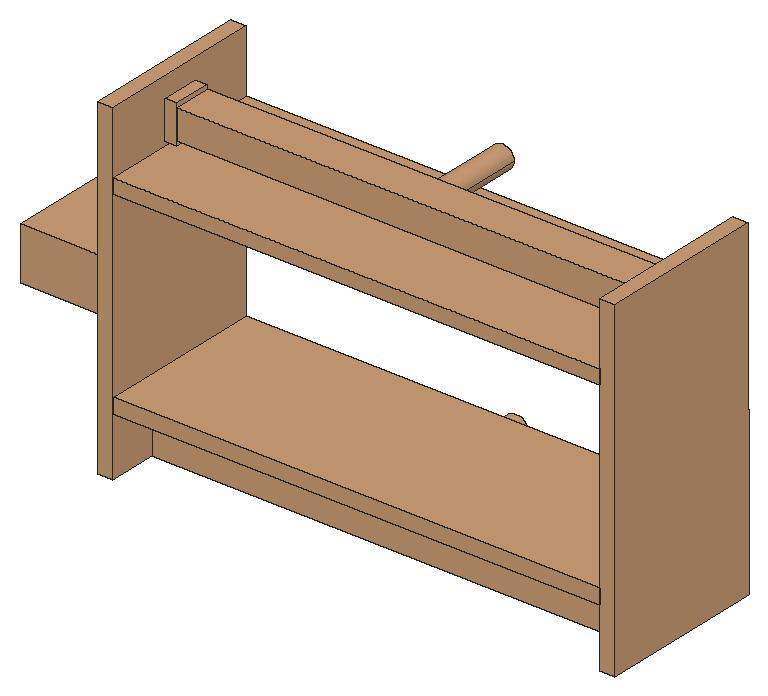
Revit family
Parameters
  Center Of Unit = 0' - 0"  # constant formula
  Water Pressure Drop [instance] = 0.00 psi
  Water Flow [instance] = 0 GPM
  Unit Weight (lbs) = 499
  URL = "http://www.ljwing.com/"
  Water Outlet Radius = 0' - 1 1/2"
  Water Outlet Odd sizes = 0' - 0"
  Total Heating Capacity [instance] = 0.0 Btu/h
  Temperature Rise [instance] = 0 °F
  Series = "VIFB"
  Outlet Area = 10.70 SF
  Number of Rows = 1  # constant formula
  Number of Coils [instance] = 0
  Nominal Length = 5' - 8 5/16"
  Model = "VA-6"
  Manufacturer = "LJ Wing"
  Leaving Water Temperature [instance] = 0 °F
  Leaving Air Temperature [instance] = 0 °F
  Face Velocity (FPM) [instance] = 0
  Entering Water Temperature [instance] = 0 °F
  Entering Air Temperature [instance] = 0 °F
  Description = "Vertical Integral Face & Bypass Water Heating Coils"
  Hot Water Odd Sizes = 0' - 0"
  Hot Water Inlet Offset = 0' - 4 3/8"  # constant formula
  Hot Water Inlet  Radius = 0' - 1 1/2"
  Coil Face Area = Outlet Area * 0.56  # 5.992 SF
  Casing Material = ""
  Assembly Code = "D3020300"
  Air Pressure Drop [instance] = 0.00 in-wg
  Air Inlet Width = Nominal Length - 0' 4"  # 5' - 4 5/16"
  Air Inlet Height = Y  # 2' - 0"
  Air Flow [instance] = 0 CFM
  Z = 0' - 2 1/8"
  Y = 2' - 0"
  S = 0' - 9 3/4"
  Product URL = "http://www.ljwing.com/html/vifb.asp"
  OmniClass = "23-75 70 21 14"
  Nominal Height = 3' - 8"
  Nominal Depth = 1' - 10"
  R = 0' - 10 1/4"
  Q = 0' - 4 5/32"
  P = 0' - 5 1/8"
  L = 0' - 5 15/16"
Reference planes (in)
  plane 1 "Center (Front/Back)": y = 0
  plane 2: z = -12
  plane 3 "Center (Left/Right)": x = 0
  plane 4: z = 22.25
  plane 5: x = -34.15625
  plane 6: x = 34.15625
  plane 7: z = -21.75
  plane 8: z = 0
  plane 9: y = -11
  plane 10: y = 11
  plane 11: z = 12
  plane 12: z = 14
  plane 13: z = -14
  plane 14: x = 32.15625
  plane 15: x = -32.15625
  plane 16: z = 17.125
  plane 17: z = -15.8125
  plane 18: x = -30
  plane 19: x = 30
  plane 20: y = 13.125
  plane 21: y = 15.375
  plane 22: x = -45.15625
  plane 23: x = 0
  plane 24: x = 0
  plane 25: z = 19.125
  plane 26: z = 15.125
  plane 27: y = -2.5
  plane 28: y = 2.5
  plane 29: y = -4.5
Forms (in)
  Extrusion 1, solid, material "Painted Finish"
    sketch origin (0, 6, -9.75) x (1, 0, 0) y (0, 0, 1)
      loop
        line (-34.15625, -12) -> (-32.15625, -12) -> (-32.15625, 32) -> (-34.15625, 32) -> (-34.15625, -12)
      loop
        line (34.15625, -12) -> (34.15625, 32) -> (32.15625, 32) -> (32.15625, -12) -> (34.15625, -12)
    from -5 to 17
  Extrusion 2, solid, material "Painted Finish"
    sketch origin (0, 6, 0) x (1, 0, 0) y (0, 0, 1)
      loop
        line (32.15625, -12) -> (-32.15625, -12) -> (-32.15625, -14) -> (32.15625, -14) -> (32.15625, -12)
      loop
        line (32.15625, 12) -> (32.15625, 14) -> (-32.15625, 14) -> (-32.15625, 12) -> (32.15625, 12)
    from -5 to 17
  Extrusion 3, solid, material "Painted Finish"
    sketch origin (0, 10, -0.5) x (1, 0, 0) y (0, 0, 1)
      loop
        line (-34.15625, 4) -> (-45.15625, 4) -> (-45.15625, -3) -> (-34.15625, -3) -> (-34.15625, 4)
    from 0 to 20
  Extrusion 4, solid, material "Painted Finish"
    sketch origin (0, 6, 0) x (1, 0, 0) y (0, 0, 1)
      loop
        line (-30.53125, 19.125) -> (-30.53125, 15.125) -> (30.53125, 15.125) -> (30.53125, 19.125) -> (-30.53125, 19.125)
    from 3.5 to 8.5
  Extrusion 5, solid, material "Painted Finish"
    sketch origin (0, 0, 0) x (1, 0, 0) y (0, 0, 1)
      loop
        line (-30.53125, 14.625) -> (-30.53125, 19.625) -> (-32.15625, 19.625) -> (-32.15625, 14.625) -> (-30.53125, 14.625)
      loop
        line (32.15625, 14.625) -> (32.15625, 19.625) -> (30.53125, 19.625) -> (30.53125, 14.625) -> (32.15625, 14.625)
    from -2.5 to 2.5
  Extrusion 6, solid, material "Painted Finish"
    sketch origin (0, 23, 0) x (1, 0, 0) y (0, 0, 1)
      loop
        circle (0, 17.125) r 1.5
    from 9.875 to 20.5
  Extrusion 7, solid, material "Painted Finish"
    sketch origin (0, 6, 0) x (1, 0, 0) y (0, 0, 1)
      loop
        line (-32.15625, -14) -> (-32.15625, -21.75) -> (32.15625, -21.75) -> (32.15625, -14) -> (-32.15625, -14)
    from -5 to 10.5
  Extrusion 8, solid, material "Painted Finish"
    sketch origin (0, 23, 0) x (1, 0, 0) y (0, 0, 1)
      loop
        circle (0, -15.8125) r 1.5
    from 7.625 to 12
  Extrusion 9, void
    sketch origin (0, 0, 0) x (1, 0, 0) y (0, 0, 1)
      loop
        line (-32.15625, 12) -> (-32.15625, -12) -> (32.15625, -12) -> (32.15625, 12) -> (-32.15625, 12)
    from -11 to 11
Cuts and joins
  Extrusion 9 cuts Extrusion 1
  Extrusion 9 cuts Extrusion 2
Dimensions and locks (in)
  "Nominal Length": plane 6 to plane 5
  equal spacing: plane 6, plane 3 "Center (Left/Right)", plane 5
  "S": plane 2 to plane 7
  "Nominal Depth": plane 10 to plane 9
  equal spacing: plane 10, plane 1 "Center (Front/Back)", plane 9
  "Y": plane 11 to plane 2
  "R": plane 4 to plane 11
  locked: plane 12 to plane 11 at 2
  locked: plane 2 to plane 13 at 2
  "P": plane 4 to plane 16
  "L": plane 17 to plane 7
  "Q": plane 18 to plane 5
  "Q": plane 6 to plane 19
  "Z": plane 20 to plane 10
  "Hot Water Inlet Offset": plane 21 to plane 10
  locked: plane 5 to plane 22 at 11
  locked: Extrusion 3 sketch curve to Extrusion 3 sketch curve at 7
  locked: Extrusion 3 to Extrusion 3 at 20
  locked: plane 6 to plane 14 at 2
  locked: plane 15 to plane 5 at 2
  "Water Outlet Odd sizes": plane 23 to plane 3 "Center (Left/Right)"
  "Hot Water Odd Sizes": plane 3 "Center (Left/Right)" to plane 24
  equal spacing: plane 25, plane 16, plane 26
  locked: Extrusion 5 sketch curve to plane 25 at 0.5
  locked: plane 26 to Extrusion 5 sketch curve at 0.5
  locked: Extrusion 6 sketch curve to plane 16 at 0
  locked: Extrusion 6 sketch curve to plane 23 at 0
  locked: Extrusion 8 sketch curve to plane 17 at 0
  locked: Extrusion 8 sketch curve to plane 24 at 0
  locked: plane 25 to plane 26 at 4
  locked: plane 28 to plane 27 at 5
  equal spacing: plane 28, plane 1 "Center (Front/Back)", plane 27
  locked: plane 27 to plane 29 at 2
  plane 4 to plane 7 = 3' - 8"
  locked: Extrusion 5 sketch curve to Extrusion 1 at 1.625
  locked: Extrusion 5 sketch curve to Extrusion 5 sketch curve at 1.625
  locked: Extrusion 9 sketch curve to plane 11 at 0
  locked: Extrusion 9 sketch curve to plane 15 at 0
  locked: Extrusion 9 sketch curve to plane 14 at 0
  locked: Extrusion 9 sketch curve to plane 2 at 0
  equal spacing: plane 11, plane 8, plane 2
  "Water Outlet Radius": radius of Extrusion 6 sketch curve
  "Hot Water Inlet  Radius": radius of Extrusion 8 sketch curve
  aligned and locked: plane 9 to Extrusion 1
  aligned and locked: Extrusion 1 to plane 10
  aligned and locked: plane 15 to Extrusion 1
  aligned and locked: Extrusion 1 to plane 14
  aligned and locked: plane 9 to Extrusion 2
  aligned and locked: Extrusion 1 to plane 9
  aligned and locked: plane 10 to Extrusion 1  (x2)
  aligned and locked: Extrusion 2 to plane 10
  aligned and locked: plane 10 to Extrusion 2  (x2)
  aligned and locked: Extrusion 2 to plane 9  (x2)
  aligned and locked: plane 5 to Extrusion 3
  aligned and locked: Extrusion 5 sketch curve to plane 15
  aligned and locked: Extrusion 5 sketch curve to Extrusion 4
  aligned and locked: Extrusion 6 to plane 20
  aligned and locked: Extrusion 1 to Extrusion 7
  aligned and locked: plane 10 to Extrusion 8
  aligned and locked: Extrusion 8 to plane 21  (x2)
  aligned and locked: plane 27 to Extrusion 5
  aligned and locked: Extrusion 5 to Extrusion 4  (x2)
  aligned and locked: Extrusion 5 to plane 28
  aligned and locked: Extrusion 6 to Extrusion 4
  aligned and locked: plane 29 to Extrusion 7
  aligned and locked: Extrusion 8 to Extrusion 7
  aligned and locked: Extrusion 4 to Extrusion 5  (x2)
  aligned and locked: Extrusion 5 to Extrusion 1  (x2)
  aligned and locked: plane 2 to Extrusion 2
  aligned and locked: plane 6 to Extrusion 1 sketch curve
  aligned and locked: plane 14 to Extrusion 1 sketch curve
  aligned and locked: Extrusion 1 sketch curve to plane 15
  aligned and locked: Extrusion 1 sketch curve to plane 5
  aligned and locked: plane 7 to Extrusion 1 sketch curve  (x2)
  aligned and locked: Extrusion 1 sketch curve to plane 4  (x2)
  aligned and locked: Extrusion 2 sketch curve to plane 11
  aligned and locked: Extrusion 2 sketch curve to plane 12
  aligned and locked: Extrusion 2 sketch curve to plane 14  (x2)
  aligned and locked: Extrusion 2 sketch curve to plane 15  (x2)
  aligned and locked: Extrusion 2 sketch curve to plane 13
  aligned and locked: plane 2 to Extrusion 2 sketch curve
  aligned and locked: plane 13 to Extrusion 7 sketch curve
  aligned and locked: Extrusion 7 sketch curve to plane 7
  aligned and locked: Extrusion 7 sketch curve to plane 14
  aligned and locked: plane 15 to Extrusion 7 sketch curve
  aligned and locked: Extrusion 7 to plane 29
  aligned and locked: cut or joined group of Extrusion 1, Extrusion 9 to plane 10
Automatic sketch dimensions
  Extrusion 3 sketch curve to plane 22 = 0' - 0"
  Extrusion 3 sketch curve to plane 5 = 0' - 0"
  plane 8 to Extrusion 3 sketch curve = 0' - 3 1/2"
  Extrusion 4 sketch curve to plane 25 = 0' - 0"
  Extrusion 4 sketch curve to plane 26 = 0' - 0"
  Extrusion 4 sketch curve to plane 18 = 0' - 0 17/32"
  plane 19 to Extrusion 4 sketch curve = 0' - 0 17/32"
  plane 26 to Extrusion 5 sketch curve = 0' - 0 1/2"
  Extrusion 5 sketch curve to plane 25 = 0' - 0 1/2"
Connectors (in)
  hvac at (0, -11, 0), driven by "Air Inlet Height", driven by "Air Inlet Width", driven by "Air Flow", driven by "Air Pressure Drop"
    settings: on Extrusion 9, index 1
  hvac at (0, 11, 0), driven by "Air Pressure Drop", driven by "Air Inlet Height", driven by "Air Inlet Width", driven by "Air Flow"
    settings: on Extrusion 9, index 2
  piping at (0, 13.125, 17.125), driven by "Water Flow", driven by "Water Outlet Radius", driven by "Water Pressure Drop"
    settings: on Extrusion 6, index 3
  piping at (0, 15.375, -15.8125), driven by "Water Flow", driven by "Water Pressure Drop", driven by "Hot Water Inlet  Radius"
    settings: on Extrusion 8, index 4
